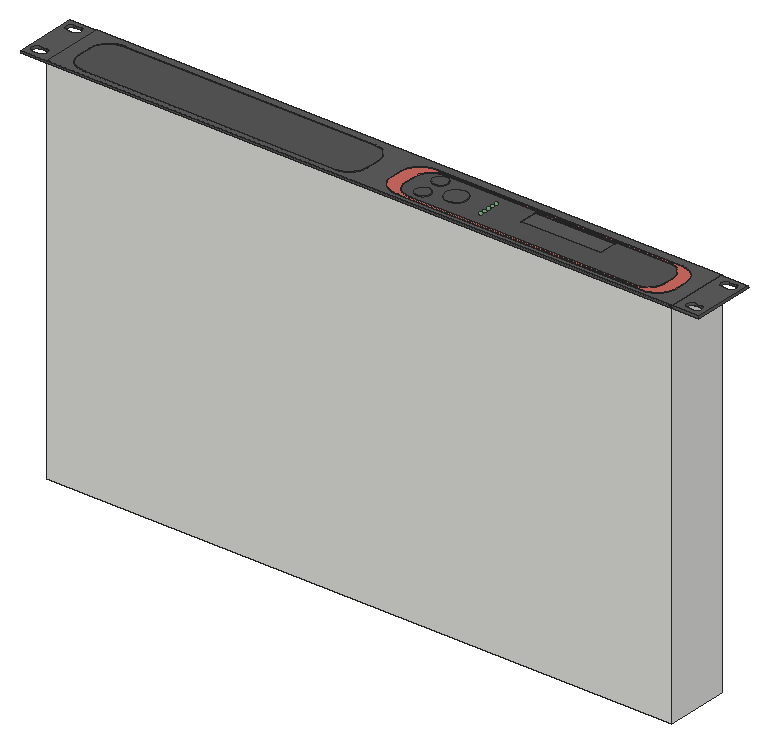
Revit family "Electronics_Fixed-Audio-DSP_Biamp_Tesira_TesiraFORTE_CI__", category Communication Devices, host Face, Revit 2020
Family settings
  Host = Face
  Maintain Annotation Orientation = No
  Round Connector Dimension = Use Diameter
  Part Type = Normal
  OmniClass Number = 23.85.10.11.11
  OmniClass Title = Sound and Signal Devices
  Cut with Voids When Loaded = No
  Shared = No
  Room Calculation Point = No
Parameters (values of type "CI")
  Width = 19.00"  # constant formula
  Weight = 8.00 lbf  # constant formula
  Voltage = 120 V
  URL = "https://www.biamp.com/"
  Type 2 = yes
  Temperature Range = "32 - 104° F (0 - 40° C)"  # constant formula
  THD+N = "0dB gain, +4dBu input: < 0.006%; 54dB gain, -50dBu input: < 0.040%"  # constant formula
  Sampling Rate = "48kHz\r"  # constant formula
  Sample Rate = "USB 48kHz"  # constant formula
  Product data url = "https://www.bimobject.com/biamp/product/tesiraforte-ci_fixed-audio-dsp"
  Product Page URL = "https://www.biamp.com/products/tesira-fixed-audio-dsp#tesiraforte-ci"
  Product Documentation Link = "https://downloads.biamp.com/assets/docs/default-source/data-sheets/biamp_data_sheet_tesiraforte_ci_oct20.pdf"
  Power Factor = 1
  Phantom Power = "+48VDC (7mA/input)\r"  # constant formula
  Output Impedance = "207 ohm"  # constant formula
  Number of Poles = 1
  Number of Channels = "up to 8"  # constant formula
  Maximum Output = "+24dBu, +18dBu, +12dBu, +6dBu, 0dBu, -31dBu"  # constant formula
  Maximum Input = "+24dBu"  # constant formula
  Max Power Consumption = 35 W
  Input Impedance = "8 kohm"  # constant formula
  Input Gain Range = "0-66dB"  # constant formula
  Humidity = "0-98% relative humidity (non-condensing)"  # constant formula
  Housing Material = Biamp - Metal - Silver
  Height = 1.75"  # constant formula
  Frequency Response = "20Hz to 20kHz, +4dBu output: +0.25 dB/-0.5 dB"  # constant formula
  EIN = "no weighting, 22Hz to 22kHz: < -125dBu"  # constant formula
  Dynamic Range = "22Hz to 22kHz, 0dB gain: > 108dB\r"  # constant formula
  Depth = 10.50"  # constant formula
  DAN/AVB = no
  VoIP+Telephone Line = no
  Type1 = yes
  Model = "TesiraFORTÉ CI"  # constant formula
  Manufacturer = "Biamp"  # constant formula
  Description = "TesiraFORTÉ® CI Fixed I/O DSP"  # constant formula
  Default Elevation = 48.00"
  Cross Talk = "0dB gain, +4dBu input: < -85dB; 54dB gain, -50dBu input: < -75dB"  # constant formula
  Connector Description = "100-240VAC 50/60Hz"
  Compliance = "FCC Part 15B (USA), CE marked (Europe), UL und C-UL listed (USA and Canada), RCM (Australia), RoHS Directive (Europe)"  # constant formula
  Bit Depth = "16- or 24-bit"  # constant formula
  Assembly Code = ""
  Apparent Load = Max Power Consumption / Power Factor  # 35 VA
  Altitude = "0-6,600 ft (0-2000m) MSL"  # constant formula
  A/D - D/A Converters = "24-bit"  # constant formula
Reference planes (in)
  plane 1 "Center (Front/Back)": y = 0
  plane 2: z = 0
  plane 3 "Center (Left/Right)": x = 0
  plane 4: x = 18.35304
  plane 5: y = 0.60831
  plane 6: y = -0.59466
  plane 7: y = -0.86817
  plane 8: y = 0.88183
  plane 9: x = 18.67652
  plane 10: x = -0.32348
Forms (in)
  Extrusion 1, solid, material "Biamp - Plastic - Red", detail levels medium+fine
    sketch origin (9.17652, -0.86817, -5.18699) x (1, 0, 0) y (0, 1, 0)
      loop
        arc (0.91084, 1.51843) -> (0.52967, 1.36054) -> (0.37178, 0.97937) r 0.53906
        line (0.37178, 0.97937) -> (0.37178, 0.67022)
        arc (0.37178, 0.67022) -> (0.52998, 0.28829) -> (0.91192, 0.13009) r 0.54014
        line (0.91192, 0.13009) -> (7.81996, 0.13009)
        arc (7.81996, 0.13009) -> (8.20114, 0.28798) -> (8.35902, 0.66915) r 0.53906
        line (8.35902, 0.66915) -> (8.35902, 0.97937)
        arc (8.35902, 0.97937) -> (8.20114, 1.36054) -> (7.81996, 1.51843) r 0.53906
        line (7.81996, 1.51843) -> (0.91084, 1.51843)
      loop
        line (1.22622, 0.20126) -> (7.54738, 0.20126)
        arc (7.54738, 0.20126) -> (7.87547, 0.33716) -> (8.01138, 0.66526) r 0.464
        line (8.01138, 0.66526) -> (8.01138, 0.95126)
        arc (8.01138, 0.95126) -> (7.86493, 1.30482) -> (7.51138, 1.45126) r 0.5
        line (7.51138, 1.45126) -> (1.22622, 1.45126)
        arc (1.22622, 1.45126) -> (0.89753, 1.31511) -> (0.76138, 0.98642) r 0.46484
        line (0.76138, 0.98642) -> (0.76138, 0.66611)
        arc (0.76138, 0.66611) -> (0.89753, 0.33741) -> (1.22622, 0.20126) r 0.46484
    from 5.24135 to 5.25
  Extrusion 2, solid, material "Biamp - Metal - Black"
    sketch origin (9.17652, -0.86817, -5.18699) x (1, 0, 0) y (0, 1, 0)
      loop
        line (-9.5, 1.75) -> (-9.5, 0) -> (9.5, 0) -> (9.5, 1.75) -> (-9.5, 1.75)
    from 5.18699 to 5.24135
  Extrusion 3, void, detail levels medium+fine
    sketch origin (9.17652, -0.86817, -5.18699) x (1, 0, 0) y (0, 1, 0)
      loop
        arc (9.0994, 1.61097) -> (8.96492, 1.47649) -> (9.0994, 1.342) r 0.13448
        line (9.0994, 1.342) -> (9.25364, 1.342)
        arc (9.25364, 1.342) -> (9.38812, 1.47649) -> (9.25364, 1.61097) r 0.13448
        line (9.25364, 1.61097) -> (9.0994, 1.61097)
      loop
        arc (9.0994, 0.408) -> (8.96492, 0.27351) -> (9.0994, 0.13903) r 0.13448
        line (9.0994, 0.13903) -> (9.25364, 0.13903)
        arc (9.25364, 0.13903) -> (9.38812, 0.27351) -> (9.25364, 0.408) r 0.13448
        line (9.25364, 0.408) -> (9.0994, 0.408)
      loop
        arc (-9.25364, 1.61097) -> (-9.38812, 1.47649) -> (-9.25364, 1.342) r 0.13448
        line (-9.25364, 1.342) -> (-9.0994, 1.342)
        arc (-9.0994, 1.342) -> (-8.96492, 1.47649) -> (-9.0994, 1.61097) r 0.13448
        line (-9.0994, 1.61097) -> (-9.25364, 1.61097)
      loop
        arc (-9.25364, 0.408) -> (-9.38812, 0.27351) -> (-9.25364, 0.13903) r 0.13448
        line (-9.25364, 0.13903) -> (-9.0994, 0.13903)
        arc (-9.0994, 0.13903) -> (-8.96492, 0.27351) -> (-9.0994, 0.408) r 0.13448
        line (-9.0994, 0.408) -> (-9.25364, 0.408)
    from 5.18699 to 5.24135
  Extrusion 4, solid, material "Biamp - Glass - Gray", detail levels medium+fine
    sketch origin (9.17652, -0.86817, -5.18699) x (1, 0, 0) y (0, 1, 0)
      loop
        line (3.83453, 0.85955) -> (6.08453, 0.85955) -> (6.08453, 1.3833) -> (3.83453, 1.3833) -> (3.83453, 0.85955)
    from 5.24135 to 5.25
  Extrusion 5, solid, material "Biamp - Plastic - Black", detail levels medium+fine
    sketch origin (9.17652, -0.86817, -5.18699) x (1, 0, 0) y (0, 1, 0)
      loop
        arc (1.22622, 1.45126) -> (0.89753, 1.31511) -> (0.76138, 0.98642) r 0.46484
        line (0.76138, 0.98642) -> (0.76138, 0.66611)
        arc (0.76138, 0.66611) -> (0.89753, 0.33741) -> (1.22622, 0.20126) r 0.46484
        line (1.22622, 0.20126) -> (7.54738, 0.20126)
        arc (7.54738, 0.20126) -> (7.87547, 0.33716) -> (8.01138, 0.66526) r 0.464
        line (8.01138, 0.66526) -> (8.01138, 0.95126)
        arc (8.01138, 0.95126) -> (7.86493, 1.30482) -> (7.51138, 1.45126) r 0.5
        line (7.51138, 1.45126) -> (1.22622, 1.45126)
      loop
        line (3.83453, 0.85955) -> (6.08453, 0.85955) -> (6.08453, 1.3833) -> (3.83453, 1.3833) -> (3.83453, 0.85955)
    from 5.24135 to 5.24805
  Extrusion 6, solid, material "Biamp - Metal - Black", detail levels medium+fine
    sketch origin (9.17652, -0.86817, -5.18699) x (1, 0, 0) y (0, 1, 0)
      loop
        line (-8.75742, 1.75) -> (-8.75742, 0) -> (8.75742, 0) -> (8.75742, 1.75) -> (-8.75742, 1.75)
      loop
        line (8.35902, 0.66915) -> (8.35902, 0.97937)
        arc (8.35902, 0.97937) -> (8.20114, 1.36054) -> (7.81996, 1.51843) r 0.53906
        line (7.81996, 1.51843) -> (0.91084, 1.51843)
        arc (0.91084, 1.51843) -> (0.52967, 1.36054) -> (0.37178, 0.97937) r 0.53906
        line (0.37178, 0.97937) -> (0.37178, 0.67022)
        arc (0.37178, 0.67022) -> (0.52998, 0.28829) -> (0.91192, 0.13009) r 0.54014
        line (0.91192, 0.13009) -> (7.81996, 0.13009)
        arc (7.81996, 0.13009) -> (8.20114, 0.28798) -> (8.35902, 0.66915) r 0.53906
      loop
        line (-0.80003, 1.5425) -> (-7.86956, 1.5425)
        arc (-7.86956, 1.5425) -> (-8.22311, 1.39606) -> (-8.36956, 1.0425) r 0.5
        line (-8.36956, 1.0425) -> (-8.36956, 0.64195)
        arc (-8.36956, 0.64195) -> (-8.22311, 0.2884) -> (-7.86956, 0.14195) r 0.5
        line (-7.86956, 0.14195) -> (-0.80003, 0.14195)
        arc (-0.80003, 0.14195) -> (-0.44647, 0.2884) -> (-0.30003, 0.64195) r 0.5
        line (-0.30003, 0.64195) -> (-0.30003, 1.0425)
        arc (-0.30003, 1.0425) -> (-0.44647, 1.39606) -> (-0.80003, 1.5425) r 0.5
    from 5.24135 to 5.25
  Extrusion 7, solid, material "Biamp - Plastic - Black(Grid)", detail levels medium+fine
    sketch origin (9.17652, -0.86817, -5.18699) x (1, 0, 0) y (0, 1, 0)
      loop
        arc (-7.86956, 1.5425) -> (-8.22311, 1.39606) -> (-8.36956, 1.0425) r 0.5
        line (-8.36956, 1.0425) -> (-8.36956, 0.64195)
        arc (-8.36956, 0.64195) -> (-8.22311, 0.2884) -> (-7.86956, 0.14195) r 0.5
        line (-7.86956, 0.14195) -> (-0.80003, 0.14195)
        arc (-0.80003, 0.14195) -> (-0.44647, 0.2884) -> (-0.30003, 0.64195) r 0.5
        line (-0.30003, 0.64195) -> (-0.30003, 1.0425)
        arc (-0.30003, 1.0425) -> (-0.44647, 1.39606) -> (-0.80003, 1.5425) r 0.5
        line (-0.80003, 1.5425) -> (-7.86956, 1.5425)
    from 5.24135 to 5.25
  Extrusion 8, solid, material "Biamp - Metal - Silver" <- "Housing Material"
    sketch origin (9.17652, -0.86817, -5.18699) x (1, 0, 0) y (0, 0, -1)
      loop
        line (-8.75742, 5.25) -> (-8.75742, -5.18699) -> (8.75742, -5.18699) -> (8.75742, 5.25) -> (-8.75742, 5.25)
    from 0 to 1.75
  Extrusion 9, solid, material "Biamp - Metal - Silver" <- "Housing Material", visible <- "Type1"
    sketch origin (9.17652, -0.86817, -5.18699) x (1, 0, 0) y (0, 1, 0)
      loop
        line (6.99083, 1.52401) -> (6.99083, 0.59433) -> (8.24083, 0.59433) -> (8.24083, 1.52401) -> (6.99083, 1.52401)
      loop
        line (6.26249, 0.22588) -> (6.26249, 0.78659) -> (5.55775, 0.78659) -> (5.55775, 0.22588) -> (6.26249, 0.22588)
      loop
        line (3.15045, 0.26348) -> (3.23229, 0.72758) -> (2.37912, 0.72758) -> (2.46096, 0.26348) -> (3.15045, 0.26348)
      loop
        line (1.96267, 0.22749) -> (1.96267, 0.70184) -> (1.42474, 0.70184) -> (1.42474, 0.22749) -> (1.96267, 0.22749)
      loop
        line (0.16865, 0.53988) -> (-0.7835, 0.53988) -> (-0.7835, 0.22373) -> (0.16865, 0.22373) -> (0.16865, 0.53988)
      loop
        line (-4.9886, 1.33802) -> (-5.65288, 1.33802) -> (-5.65288, 0.88089) -> (-4.9886, 0.88089) -> (-4.9886, 1.33802)
      loop
        line (-5.96289, 1.33802) -> (-6.62717, 1.33802) -> (-6.62717, 0.88089) -> (-5.96289, 0.88089) -> (-5.96289, 1.33802)
      loop
        line (-6.93718, 1.33802) -> (-7.60145, 1.33802) -> (-7.60145, 0.88089) -> (-6.93718, 0.88089) -> (-6.93718, 1.33802)
      loop
        line (-7.91147, 1.33802) -> (-8.57574, 1.33802) -> (-8.57574, 0.88089) -> (-7.91147, 0.88089) -> (-7.91147, 1.33802)
      loop
        line (-5.65288, 0.68086) -> (-5.65288, 0.22373) -> (-4.9886, 0.22373) -> (-4.9886, 0.68086) -> (-5.65288, 0.68086)
      loop
        line (-5.96289, 0.68086) -> (-6.62717, 0.68086) -> (-6.62717, 0.22373) -> (-5.96289, 0.22373) -> (-5.96289, 0.68086)
      loop
        line (-6.93718, 0.22373) -> (-6.93718, 0.68086) -> (-7.60145, 0.68086) -> (-7.60145, 0.22373) -> (-6.93718, 0.22373)
      loop
        line (-7.91147, 0.22373) -> (-7.91147, 0.68086) -> (-8.57574, 0.68086) -> (-8.57574, 0.22373) -> (-7.91147, 0.22373)
    from -5.26366 to -5.25
  Extrusion 10, solid, material "Biamp - Metal - Silver" <- "Housing Material", visible <- "Type 2"
    sketch origin (9.17652, -0.86817, -5.18699) x (1, 0, 0) y (0, 1, 0)
      loop
        line (2.80571, 1.33802) -> (2.14143, 1.33802) -> (2.14143, 0.88089) -> (2.80571, 0.88089) -> (2.80571, 1.33802)
      loop
        line (1.83142, 1.33802) -> (1.16714, 1.33802) -> (1.16714, 0.88089) -> (1.83142, 0.88089) -> (1.83142, 1.33802)
      loop
        line (0.85713, 0.88089) -> (0.85713, 1.33802) -> (0.19286, 1.33802) -> (0.19286, 0.88089) -> (0.85713, 0.88089)
      loop
        line (-0.11716, 1.33802) -> (-0.78143, 1.33802) -> (-0.78143, 0.88089) -> (-0.11716, 0.88089) -> (-0.11716, 1.33802)
      loop
        line (-1.09145, 1.33802) -> (-1.75572, 1.33802) -> (-1.75572, 0.88089) -> (-1.09145, 0.88089) -> (-1.09145, 1.33802)
      loop
        line (-2.06574, 0.88089) -> (-2.06574, 1.33802) -> (-2.73001, 1.33802) -> (-2.73001, 0.88089) -> (-2.06574, 0.88089)
      loop
        line (-3.04003, 0.88089) -> (-3.04003, 1.33802) -> (-3.7043, 1.33802) -> (-3.7043, 0.88089) -> (-3.04003, 0.88089)
      loop
        line (-3.04003, 0.68086) -> (-3.7043, 0.68086) -> (-3.7043, 0.22373) -> (-3.04003, 0.22373) -> (-3.04003, 0.68086)
      loop
        line (-4.01432, 0.22373) -> (-4.01432, 0.68086) -> (-4.67859, 0.68086) -> (-4.67859, 0.22373) -> (-4.01432, 0.22373)
      loop
        line (-4.67859, 0.88089) -> (-4.01432, 0.88089) -> (-4.01432, 1.33802) -> (-4.67859, 1.33802) -> (-4.67859, 0.88089)
      loop
        line (-2.73001, 0.68086) -> (-2.73001, 0.22373) -> (-2.06574, 0.22373) -> (-2.06574, 0.68086) -> (-2.73001, 0.68086)
      loop
        line (-1.75572, 0.68086) -> (-1.75572, 0.22373) -> (-1.09145, 0.22373) -> (-1.09145, 0.68086) -> (-1.75572, 0.68086)
    from -5.26366 to -5.25
  Extrusion 11, solid, material "Biamp - Plastic - Black", detail levels fine
    sketch origin (0, 0, 0) x (1, 0, 0) y (0, 1, 0)
      loop
        circle (10.50753, 0.30721) r 0.2
      loop
        circle (10.50753, -0.30721) r 0.2
      loop
        circle (11.19836, 0) r 0.29
    from 0 to 0.06301
  Revolve 12, solid, material "Biamp - Plastic - Green", detail levels fine
    sketch origin (12.10249, -1.02037, -5.09642) x (0, 1, 0) y (0, 0, 1)
      loop
        arc (1.33717, 5.15748) -> (1.29771, 5.19694) -> (1.25824, 5.15748) r 0.03946
        line (1.25824, 5.15748) -> (1.33717, 5.15748)
      loop
        arc (1.19785, 5.15748) -> (1.15839, 5.19694) -> (1.11892, 5.15748) r 0.03946
        line (1.11892, 5.15748) -> (1.19785, 5.15748)
      loop
        arc (1.05983, 5.15748) -> (1.02037, 5.19694) -> (0.9809, 5.15748) r 0.03946
        line (0.9809, 5.15748) -> (1.05983, 5.15748)
      loop
        arc (0.92095, 5.15748) -> (0.88149, 5.19694) -> (0.84202, 5.15748) r 0.03946
        line (0.84202, 5.15748) -> (0.92095, 5.15748)
      loop
        arc (0.78497, 5.15748) -> (0.7455, 5.19694) -> (0.70604, 5.15748) r 0.03946
        line (0.70604, 5.15748) -> (0.78497, 5.15748)
      axis (1.33717, 5.15748) -> (0.70604, 5.15748)
    angle from 270 to 450
Cuts and joins
  Extrusion 3 cuts Extrusion 2
Lines and regions (in)
  Masking region 1
    outline origin (0, 0, 0) x (1, 0, 0) y (0, 0, 1)
      loop
        line (-0.32348, 0) -> (0.4191, 0) -> (0.4191, -10.43699) -> (17.93394, -10.43699) -> (17.93394, 0) -> (18.67652, 0) -> (18.67652, 0.06301) -> (-0.32348, 0.06301) -> (-0.32348, 0)
  symbolic lines
    curve 1: line (-0.32348, 0, 0) -> (18.67652, 0, 0)
Dimensions and locks (in)
  aligned and locked: plane 2 to host face
  aligned and locked: level to host face
Connectors (in)
  electrical at (16.79235, 0.191, -10.45064), driven by "Number of Poles", driven by "Voltage", driven by "Apparent Load", driven by "Power Factor", driven by "Connector Description"
    settings: on Extrusion 9, index 1, voltage 120 V, apparent load 0 VA, apparent load phase1 35 VA, apparent load phase2 0 VA, apparent load phase3 0 VA, power factor 1, load classification "Other", number of poles 1, system type 31, power factor state 1, is connector primary yes, connector utility no, sub classification motor no, connector description "100-240VAC 50/60Hz"
  electrical at (15.08664, -0.36194, -10.45064)
    settings: on Extrusion 9, index 2, voltage 0 V, apparent load 0 VA, apparent load phase1 0 VA, apparent load phase2 0 VA, apparent load phase3 0 VA, power factor 1, load classification "Other", number of poles 1, system type 5, power factor state 1, is connector primary no, connector utility no, sub classification motor no, connector description "RJ-45; Network control connector"
  electrical at (11.98222, -0.37264, -10.45064)
    settings: on Extrusion 9, index 4, voltage 0 V, apparent load 0 VA, apparent load phase1 0 VA, apparent load phase2 0 VA, apparent load phase3 0 VA, power factor 1, load classification "Other", number of poles 1, system type 5, power factor state 1, is connector primary no, connector utility no, sub classification motor no, connector description "RS-232; Serial Port"
  electrical at (11.65009, 0.24129, -10.45064)
    settings: on Extrusion 10, index 5, voltage 0 V, apparent load 0 VA, apparent load phase1 0 VA, apparent load phase2 0 VA, apparent load phase3 0 VA, power factor 1, load classification "Other", number of poles 1, system type 5, power factor state 1, is connector primary no, connector utility no, sub classification motor no, connector description "Analog Input"
  electrical at (10.6758, 0.24129, -10.45064)
    settings: on Extrusion 10, index 6, voltage 0 V, apparent load 0 VA, apparent load phase1 0 VA, apparent load phase2 0 VA, apparent load phase3 0 VA, power factor 1, load classification "Other", number of poles 1, system type 5, power factor state 1, is connector primary no, connector utility no, sub classification motor no, connector description "Analog Input"
  electrical at (9.70151, 0.24129, -10.45064)
    settings: on Extrusion 10, index 7, voltage 0 V, apparent load 0 VA, apparent load phase1 0 VA, apparent load phase2 0 VA, apparent load phase3 0 VA, power factor 1, load classification "Other", number of poles 1, system type 5, power factor state 1, is connector primary no, connector utility no, sub classification motor no, connector description "Analog Input"
  electrical at (8.72722, 0.24129, -10.45064)
    settings: on Extrusion 10, index 8, voltage 0 V, apparent load 0 VA, apparent load phase1 0 VA, apparent load phase2 0 VA, apparent load phase3 0 VA, power factor 1, load classification "Other", number of poles 1, system type 5, power factor state 1, is connector primary no, connector utility no, sub classification motor no, connector description "Analog Input"
  electrical at (7.75293, 0.24129, -10.45064)
    settings: on Extrusion 10, index 9, voltage 0 V, apparent load 0 VA, apparent load phase1 0 VA, apparent load phase2 0 VA, apparent load phase3 0 VA, power factor 1, load classification "Other", number of poles 1, system type 5, power factor state 1, is connector primary no, connector utility no, sub classification motor no, connector description "Analog Input"
  electrical at (6.77864, 0.24129, -10.45064)
    settings: on Extrusion 10, index 10, voltage 0 V, apparent load 0 VA, apparent load phase1 0 VA, apparent load phase2 0 VA, apparent load phase3 0 VA, power factor 1, load classification "Other", number of poles 1, system type 5, power factor state 1, is connector primary no, connector utility no, sub classification motor no, connector description "Analog Input"
  electrical at (5.80436, 0.24129, -10.45064)
    settings: on Extrusion 10, index 11, voltage 0 V, apparent load 0 VA, apparent load phase1 0 VA, apparent load phase2 0 VA, apparent load phase3 0 VA, power factor 1, load classification "Other", number of poles 1, system type 5, power factor state 1, is connector primary no, connector utility no, sub classification motor no, connector description "Analog Input"
  electrical at (4.83007, 0.24129, -10.45064)
    settings: on Extrusion 10, index 12, voltage 0 V, apparent load 0 VA, apparent load phase1 0 VA, apparent load phase2 0 VA, apparent load phase3 0 VA, power factor 1, load classification "Other", number of poles 1, system type 5, power factor state 1, is connector primary no, connector utility no, sub classification motor no, connector description "Analog Input"
  electrical at (3.85578, 0.24129, -10.45064)
    settings: on Extrusion 9, index 13, voltage 0 V, apparent load 0 VA, apparent load phase1 0 VA, apparent load phase2 0 VA, apparent load phase3 0 VA, power factor 1, load classification "Other", number of poles 1, system type 5, power factor state 1, is connector primary no, connector utility no, sub classification motor no, connector description "Analog Input"
  electrical at (2.88149, 0.24129, -10.45064)
    settings: on Extrusion 9, index 14, voltage 0 V, apparent load 0 VA, apparent load phase1 0 VA, apparent load phase2 0 VA, apparent load phase3 0 VA, power factor 1, load classification "Other", number of poles 1, system type 5, power factor state 1, is connector primary no, connector utility no, sub classification motor no, connector description "Analog Input"
  electrical at (1.9072, 0.24129, -10.45064)
    settings: on Extrusion 9, index 15, voltage 0 V, apparent load 0 VA, apparent load phase1 0 VA, apparent load phase2 0 VA, apparent load phase3 0 VA, power factor 1, load classification "Other", number of poles 1, system type 5, power factor state 1, is connector primary no, connector utility no, sub classification motor no, connector description "Analog Input"
  electrical at (0.93291, 0.24129, -10.45064)
    settings: on Extrusion 9, index 16, voltage 0 V, apparent load 0 VA, apparent load phase1 0 VA, apparent load phase2 0 VA, apparent load phase3 0 VA, power factor 1, load classification "Other", number of poles 1, system type 5, power factor state 1, is connector primary no, connector utility no, sub classification motor no, connector description "Analog Input"
  electrical at (0.93291, -0.41588, -10.45064)
    settings: on Extrusion 9, index 17, voltage 0 V, apparent load 0 VA, apparent load phase1 0 VA, apparent load phase2 0 VA, apparent load phase3 0 VA, power factor 1, load classification "Other", number of poles 1, system type 5, power factor state 1, is connector primary no, connector utility no, sub classification motor no, connector description "Analog Output"
  electrical at (1.9072, -0.41588, -10.45064)
    settings: on Extrusion 9, index 18, voltage 0 V, apparent load 0 VA, apparent load phase1 0 VA, apparent load phase2 0 VA, apparent load phase3 0 VA, power factor 1, load classification "Other", number of poles 1, system type 5, power factor state 1, is connector primary no, connector utility no, sub classification motor no, connector description "Analog Output"
  electrical at (2.88149, -0.41588, -10.45064)
    settings: on Extrusion 9, index 19, voltage 0 V, apparent load 0 VA, apparent load phase1 0 VA, apparent load phase2 0 VA, apparent load phase3 0 VA, power factor 1, load classification "Other", number of poles 1, system type 5, power factor state 1, is connector primary no, connector utility no, sub classification motor no, connector description "Analog Output"
  electrical at (3.85578, -0.41588, -10.45064)
    settings: on Extrusion 9, index 20, voltage 0 V, apparent load 0 VA, apparent load phase1 0 VA, apparent load phase2 0 VA, apparent load phase3 0 VA, power factor 1, load classification "Other", number of poles 1, system type 5, power factor state 1, is connector primary no, connector utility no, sub classification motor no, connector description "Analog Output"
  electrical at (4.83007, -0.41588, -10.45064)
    settings: on Extrusion 10, index 21, voltage 0 V, apparent load 0 VA, apparent load phase1 0 VA, apparent load phase2 0 VA, apparent load phase3 0 VA, power factor 1, load classification "Other", number of poles 1, system type 5, power factor state 1, is connector primary no, connector utility no, sub classification motor no, connector description "Analog Output"
  electrical at (5.80436, -0.41588, -10.45064)
    settings: on Extrusion 10, index 22, voltage 0 V, apparent load 0 VA, apparent load phase1 0 VA, apparent load phase2 0 VA, apparent load phase3 0 VA, power factor 1, load classification "Other", number of poles 1, system type 5, power factor state 1, is connector primary no, connector utility no, sub classification motor no, connector description "Analog Output"
  electrical at (6.77864, -0.41588, -10.45064)
    settings: on Extrusion 10, index 23, voltage 0 V, apparent load 0 VA, apparent load phase1 0 VA, apparent load phase2 0 VA, apparent load phase3 0 VA, power factor 1, load classification "Other", number of poles 1, system type 5, power factor state 1, is connector primary no, connector utility no, sub classification motor no, connector description "Analog Output"
  electrical at (7.75293, -0.41588, -10.45064)
    settings: on Extrusion 10, index 24, voltage 0 V, apparent load 0 VA, apparent load phase1 0 VA, apparent load phase2 0 VA, apparent load phase3 0 VA, power factor 1, load classification "Other", number of poles 1, system type 5, power factor state 1, is connector primary no, connector utility no, sub classification motor no, connector description "Analog Output"
  electrical at (8.8691, -0.48637, -10.45064)
    settings: on Extrusion 9, index 25, voltage 0 V, apparent load 0 VA, apparent load phase1 0 VA, apparent load phase2 0 VA, apparent load phase3 0 VA, power factor 1, load classification "Other", number of poles 1, system type 5, power factor state 1, is connector primary no, connector utility no, sub classification motor no, connector description "GPIO; Logic I/O"
  electrical at (10.87022, -0.4035, -10.45064)
    settings: on Extrusion 9, index 26, voltage 0 V, apparent load 0 VA, apparent load phase1 0 VA, apparent load phase2 0 VA, apparent load phase3 0 VA, power factor 1, load classification "Other", number of poles 1, system type 5, power factor state 1, is connector primary no, connector utility no, sub classification motor no, connector description "USB"
